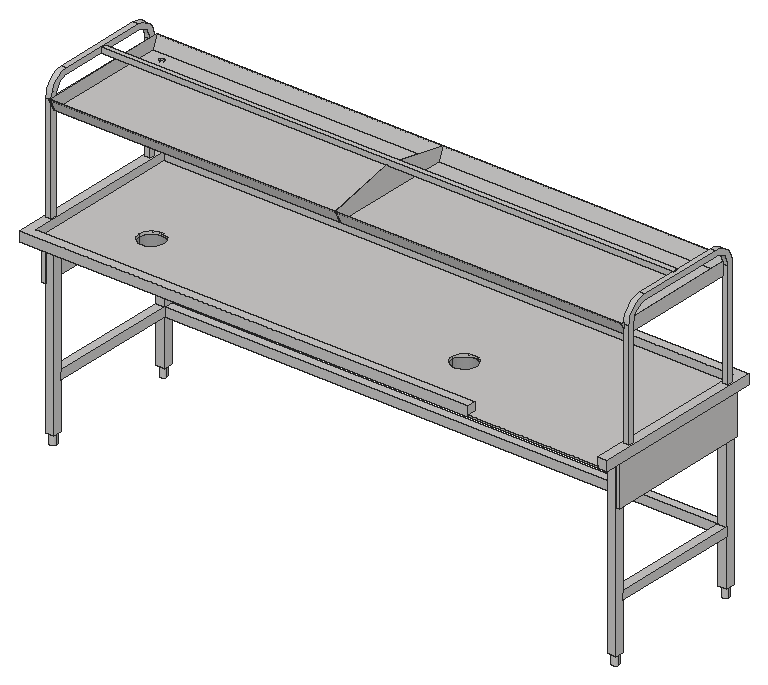
Revit family "QF_ELECTROLUXPROFESSIONAL_865341_BHST2708L", category Attrezzature speciali, Revit 2020
Family settings
  Quota connettore circolare = Usa diametro
  Tipo di parte = Normale
  Basato su piano di lavoro = No
  Sempre verticale = Sì
  Taglio con vuoti quando caricato = No
  Condiviso = No
  Punto di calcolo locali = No
Parameters (values of type "Standard")
  Weight = 24.00 kg
  Watts = 0 W
  Volts = 0 V
  URL Manufacturer = "https://www.electroluxprofessional.com/"
  URL = "https://www.electroluxprofessional.com/"
  Steam Supply Size = 0 mm
  Steam Supply Minimum Pressure = 0.0 Pa
  Steam Supply Maximum Pressure = 0.0 Pa
  Steam Consumption per Hour = 0
  Refrigeration Suction Line Size = 0 mm
  Refrigeration Liquid Line Size = 0 mm
  Refrigerant Compressor Remote = yes
  Prospetto di default = 0 mm
  Produttore = "Electrolux Professional"
  Phase = 0
  Modello = "BHST2708L"
  Length Actual = 2700 mm  # constant formula
  Item Number = "865341"
  Hot Water Size = 0 mm
  Height Actual = 1551 mm  # constant formula
  HP = "0 HP"
  Gas Size = 0 mm
  Gas KW = 0
  Gas Input Pressure = 0 W
  Direct Waste Size = 0 mm
  Description = "SORTING TABLE, LEFT>RIGHT, 2700X800 MM "
  Depth Actual = 800 mm  # constant formula
  Cycle = 0 Hz
  Condensate Return Size = 0 mm
  Compressed Air Volume = 0.0 L/s
  Compressed Air Size = 0 mm
  Compressed Air Pressure = 0.0 Pa
  Cold Water Size = 0 mm
  Accessory = yes
Reference planes
  plane 1 "Centro (Fronte/Retro)": y = 0
  plane 2: z = 0
  plane 3 "Centro (Sinistra/Destra)": x = 0
  plane 4: x = 1350
  plane 5: z = 1492
  plane 6: x = 20
  plane 7: y = -379.5
  plane 8: x = 56
  plane 9: y = -60
  plane 10: y = -695
  plane 11: x = 2700
  plane 12: x = 2644
Forms (mm)
  Extrusion 1, solid, material "QF_Finishes_Stainless Steel"
    sketch origin (-964, -40, 0) x (1, 0, 0) y (0, 1, 0)
      loop
        line (1000, 0) -> (1000, -40) -> (1040, -40) -> (1040, 0) -> (1000, 0)
    from 45 to 865
  Extrusion 2, solid, material "QF_Finishes_Stainless Steel"
    sketch origin (-964, -40, 0) x (1, 0, 0) y (0, 1, 0)
      loop
        circle (1020, -20) r 15
    from 0 to 45
  Extrusion 3, solid, material "QF_Finishes_Stainless Steel"
    sketch origin (-964, -675, 0) x (1, 0, 0) y (0, 1, 0)
      loop
        line (1000, 0) -> (1000, -40) -> (1040, -40) -> (1040, 0) -> (1000, 0)
    from 45 to 865
  Extrusion 4, solid, material "QF_Finishes_Stainless Steel"
    sketch origin (-964, -675, 0) x (1, 0, 0) y (0, 1, 0)
      loop
        circle (1020, -20) r 15
    from 0 to 45
  Extrusion 5, solid, material "QF_Finishes_Stainless Steel"
    sketch origin (0, 0, 0) x (1, 0, 0) y (0, 0, 1)
      loop
        line (76, 259.624) -> (2624, 259.624) -> (2624, 299.579) -> (76, 299.579) -> (76, 259.624)
    from 40 to 80
  Extrusion 6, solid, material "QF_Finishes_Stainless Steel"
    sketch origin (36, 0, 0) x (0, 1, 0) y (0, 0, 1)
      loop
        line (-80, 299.579) -> (-675, 299.579) -> (-675, 259.579) -> (-80, 259.579) -> (-80, 299.579)
    from 0 to 40
  Sweep 7, solid, material "QF_Finishes_Stainless Steel"
    path origin (0, 0, -12) x (0, 1, 0) y (0, 0, 1)
      loop
        line (-95, 922) -> (-95, 1412)
        arc (-95, 1412) -> (-118.431, 1468.569) -> (-175, 1492) r 80
        line (-175, 1492) -> (-584, 1492)
        arc (-584, 1492) -> (-640.569, 1468.569) -> (-664, 1412) r 80
        line (-664, 1412) -> (-664, 922)
    profile origin (0, -95, 1155) x (0, -1, 0) y (1, 0, 0)
      loop
        line (-12, 8) -> (12, 8) -> (12, 32) -> (-12, 32) -> (-12, 8)
  Extrusion 8, solid, material "QF_Finishes_Stainless Steel"
    sketch origin (0, 0, -12) x (0, 1, 0) y (0, 0, 1)
      loop
        line (-367.5, 1504) -> (-391.5, 1504) -> (-391.5, 1480) -> (-367.5, 1480) -> (-367.5, 1504)
    from 32 to 2668
  Extrusion 9, void
    sketch origin (32, 0, -6.687) x (0, 1, 0) y (0, 0, 1)
      loop
        line (-56.629, 1444.891) -> (-702.371, 1444.891) -> (-663.034, 1360.532) -> (-95.966, 1360.532) -> (-56.629, 1444.891)
    from 3.287 to 2634
  Extrusion 10, solid, material "QF_Finishes_Stainless Steel"
    sketch origin (32, 0, -12) x (0, 1, 0) y (0, 0, 1)
      loop
        line (-70.92, 1418.976) -> (-688.08, 1418.976) -> (-661.76, 1362.532) -> (-97.24, 1362.532) -> (-70.92, 1418.976)
    from 0 to 2636
  Extrusion 11, void
    sketch origin (0, 0, -12) x (1, 0, 0) y (0, 1, 0)
      loop
        circle (108.268, -136.161) r 12
    from 1301.755 to 1377.519
  Extrusion 12, solid, material "QF_Finishes_Stainless Steel"
    sketch origin (0, 0, -12) x (1, 0, 0) y (0, 1, 0)
      loop
        circle (108.21, -136.146) r 13
    from 1316.037 to 1362.532
  Extrusion 13, void
    sketch origin (0, 0, -12) x (1, 0, 0) y (0, 1, 0)
      loop
        circle (108.268, -136.161) r 10
    from 1301.755 to 1377.519
  Extrusion 14, solid, material "QF_Finishes_Stainless Steel"
    sketch origin (1700, 0, 865) x (-1, 0, 0) y (0, -1, 0)
      loop
        line (-960, 814) -> (-960, 40) -> (1660, 40) -> (1660, 774) -> (-360, 774) -> (-360, 814) -> (-960, 814)
    from 0 to 10
  Extrusion 15, solid, material "QF_Finishes_Stainless Steel"
    sketch origin (2664, 0, 0) x (0, 1, 0) y (0, 0, -1)
      loop
        line (-80, -299.579) -> (-80, -259.579) -> (-675, -259.579) -> (-675, -299.579) -> (-80, -299.579)
    from 0 to 40
  Extrusion 16, solid, material "QF_Finishes_Stainless Steel"
    sketch origin (251, 0, 0) x (0, 1, 0) y (0, 0, 1)
      loop
        line (-367.5, 1468) -> (-391.5, 1468) -> (-687.809, 1406.976) -> (-663.034, 1353.844) -> (-95.966, 1353.844) -> (-71.191, 1406.976) -> (-367.5, 1468)
    from 1098 to 1100
  Extrusion 17, solid, material "QF_Finishes_Stainless Steel"
    sketch origin (0, 0, 0) x (0, 1, 0) y (0, 0, 1)
      loop
        line (-40, 865) -> (-715, 865) -> (-715, 660) -> (-40, 660) -> (-40, 865)
    from 20 to 36
  Extrusion 18, solid, material "QF_Finishes_Stainless Steel"
    sketch origin (3664, -40, 0) x (-1, 0, 0) y (0, -1, 0)
      loop
        line (1000, 0) -> (1040, 0) -> (1040, 40) -> (1000, 40) -> (1000, 0)
    from 45 to 865
  Extrusion 19, solid, material "QF_Finishes_Stainless Steel"
    sketch origin (3664, -40, 0) x (-1, 0, 0) y (0, -1, 0)
      loop
        circle (1020, 20) r 15
    from 0 to 45
  Extrusion 20, solid, material "QF_Finishes_Stainless Steel"
    sketch origin (3664, -675, 0) x (-1, 0, 0) y (0, -1, 0)
      loop
        line (1000, 0) -> (1040, 0) -> (1040, 40) -> (1000, 40) -> (1000, 0)
    from 45 to 865
  Extrusion 21, solid, material "QF_Finishes_Stainless Steel"
    sketch origin (3664, -675, 0) x (-1, 0, 0) y (0, -1, 0)
      loop
        circle (1020, 20) r 15
    from 0 to 45
  Sweep 22, solid, material "QF_Finishes_Stainless Steel"
    path origin (2700, 0, -12) x (0, 1, 0) y (0, 0, -1)
      loop
        line (-95, -922) -> (-95, -1412)
        arc (-95, -1412) -> (-118.431, -1468.569) -> (-175, -1492) r 80
        line (-175, -1492) -> (-584, -1492)
        arc (-584, -1492) -> (-640.569, -1468.569) -> (-664, -1412) r 80
        line (-664, -1412) -> (-664, -922)
    profile origin (2700, -95, 1155) x (0, 1, 0) y (-1, 0, 0)
      loop
        line (12, 8) -> (12, 32) -> (-12, 32) -> (-12, 8) -> (12, 8)
  Extrusion 23, solid, material "QF_Finishes_Stainless Steel"
    sketch origin (2700, 0, 0) x (0, 1, 0) y (0, 0, -1)
      loop
        line (-40, -865) -> (-40, -660) -> (-715, -660) -> (-715, -865) -> (-40, -865)
    from 20 to 36
  Extrusion 24, solid, material "QF_Finishes_Stainless Steel"
    sketch origin (2700, 0, 865) x (-1, 0, 0) y (0, -1, 0)
      loop
        line (0, 0) -> (2700, 0) -> (2700, 814) -> (640, 814) -> (640, 774) -> (2660, 774) -> (2660, 40) -> (40, 40) -> (40, 814) -> (0, 814) -> (0, 0)
    from 0 to 45
  Extrusion 25, void
    sketch origin (980, -30, 0) x (-1, 0, 0) y (0, -1, 0)
      loop
        circle (610, 490) r 58
    from 674.596 to 947.421
  Extrusion 26, void
    sketch origin (2420, -30, 0) x (-1, 0, 0) y (0, -1, 0)
      loop
        circle (610, 490) r 58
    from 674.596 to 947.421
Cuts and joins
  Extrusion 9, Extrusion 13 cuts Extrusion 10
  Extrusion 11 cuts Extrusion 12
  Extrusion 25, Extrusion 26 cuts Extrusion 14
Dimensions and locks
  plane 5 to level = 1492 mm  (x2)
  Extrusion 5 to Extrusion 5 = 39.955 mm
  Extrusion 1 to Extrusion 3 = 595 mm
  plane 9 to plane 10 = 635 mm
  plane 11 to plane 3 "Centro (Sinistra/Destra)" = 2700 mm
  Sweep 7 to Sweep 7 = 545 mm
  plane 3 "Centro (Sinistra/Destra)" to plane 11 = 2700 mm
  cut or joined group of Extrusion 14, Extrusion 25, Extrusion 26 to plane 1 "Centro (Fronte/Retro)" = 774 mm
  plane 12 to plane 8 = 2588 mm
  Extrusion 20 to Extrusion 3 = 2548 mm
  aligned and locked: level to plane 2
  aligned and locked: Extrusion 2 to Extrusion 1
  aligned and locked: Extrusion 4 to Extrusion 3
  aligned and locked: Extrusion 8 to Sweep 7
  aligned and locked: Extrusion 18 to Extrusion 19
  aligned and locked: Extrusion 20 to Extrusion 21
Nested families
  nested 1: "FORO_IMMONDIZIE - 200" at (370, -520, 863.471) x (-1, 0, 0) z (0, 0, 1), type "FORO_IMMONDIZIE - 200"
  nested 2: "FORO_IMMONDIZIE - 200" at (1810, -520, 863.471) x (-1, 0, 0) z (0, 0, 1), type "FORO_IMMONDIZIE - 200"
Definition of nested family "FORO_IMMONDIZIE - 200"
  Parameters (values of type "FORO_IMMONDIZIE - 200")
    Default Elevation = 1219.2 mm
  Reference planes
    plane 1 "Centro (Fronte/Retro)": y = 0
    plane 2: z = 0
    plane 3 "Centro (Sinistra/Destra)": x = 0
    plane 4: z = -110
  Forms (mm)
    Extrusion 1, solid, not visible
      sketch origin (0, 0, 0) x (1, 0, 0) y (0, 1, 0)
        loop
          line (-1219.2, 1219.2) -> (-1219.2, -1219.2) -> (1219.2, -1219.2) -> (1219.2, 1219.2) -> (-1219.2, 1219.2)
      from 0 to -304.8
    Extrusion 2, solid
      sketch origin (0, 0, 0) x (1, 0, 0) y (0, 1, 0)
        loop
          circle (0, 0) r 60
        loop
          circle (0, 0) r 90
      from -110 to 1.529
  Dimensions and locks
    aligned and locked: plane 2 to Extrusion 1
    aligned and locked: level to Extrusion 1
